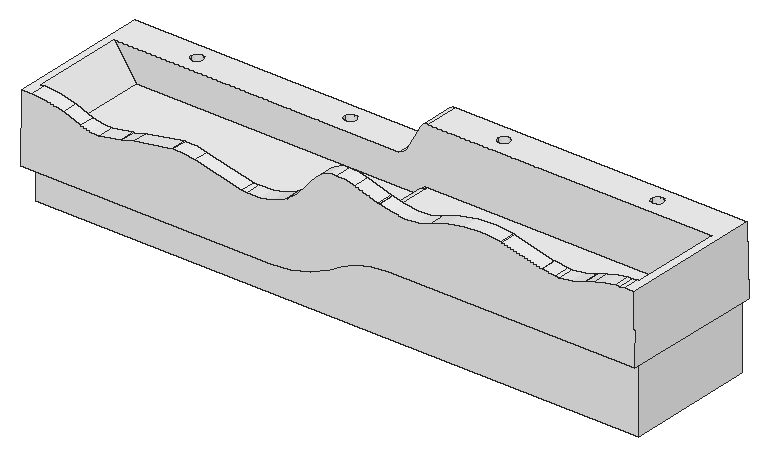
Revit family "NLRS_74_PF_UN_wastafel_S8VR1001000_SPHINX_BCB", category Plumbing Fixtures, Revit 2016
Family settings
  Part Type = Normal
  Round Connector Dimension = Use Radius
  OmniClass Number = 23.45.00.00
  OmniClass Title = Sanitary, Laundry, and Cleaning Equipment
  Work Plane-Based = No
  Always vertical = Yes
  Cut with Voids When Loaded = No
  Shared = No
  Room Calculation Point = No
Parameters (values of type "NLRS_74_PF_UN_wastafel_S8VR1001000_SPHINX_BCB")
  NLRS_C_type = "Kinderwastafel"
  NLRS_C_serie = "300 Kids"
  NLRS_C_revit_versie = "2016"
  NLRS_C_content_versie = "2.0"
  NLRS_C_content_provider = "BouwConnect"
  NLRS_C_content_datum_uitgifte = "APR-2018"
  NLRS_C_content_datum_gewijzigd = "APR-2018"
  NLRS_C_content_creator = "BouwConnect"
  NLRS_C_URL_product_data = "http://www.sphinx.nl/producten/wastafels-%7C-fonteinen/wastafels/sphinx-300-kids-%7C-kinderspeelwastafel-180-cm-versie-links/27988/"
  Waste Connection = yes
  WFU = 0
  URL = "http://www.sphinx.nl/"
  Type Comments = ""
  NLRS_S_gewicht = 22.00 kg
  NLRS_C_materiaal = none
  NLRS_C_lengte = 420 mm
  NLRS_C_hoogte = 300 mm
  NLRS_C_diameter_uit = 45 mm
  NLRS_C_diameter_in = 35 mm
  NLRS_C_breedte = 1800 mm
  Model = "300 kinderspeelwastafel versie links"  # constant formula
  Manufacturer = "Sphinx"  # constant formula
  Keynote = ""
  IfcTypeProduct = "IfcSanitaryTerminalType"
  IfcExportType = "SINK"
  IfcExportAs = "IfcSanitaryTerminalTypeEnum"
  IfcElement = "IfcFlowTerminal"
  NLRS_C_code_EAN = "8711754390751"
  Description = "wastafel"
  CWFU = 0
  NLRS_C_URL_BCB = "http://bcb-online.nl/?zoekterm=Sphinx+++%5bGeberit+B.V.%5d"
  Assembly Code = "47.11"
Reference planes
  plane 1 "Center (Front/Back)": y = 0
  plane 2: z = 0
  plane 3 "Center (Left/Right)": x = 0
Forms (mm)
  Extrusion 1, solid
    sketch origin (664.315, -854.836, 0) x (1, 0, 0) y (0, 1, 0)
      loop
        line (-1604.55, 854.836) -> (-1604.55, 474.836) -> (159.431, 474.836) -> (159.431, 854.836) -> (-1604.55, 854.836)
    from 0 to 208.952
  Extrusion 2, solid
    sketch origin (-75.254, 0, 0) x (1, 0, 0) y (0, 0, 1)
      loop
        arc (-182.988, 101) -> (-137.112, 102.315) -> (-91.441, 106.844) r 654.116
        arc (-91.441, 106.844) -> (-42.882, 117.24) -> (3.412, 135.21) r 311.921
        arc (3.412, 135.21) -> (21.756, 145.097) -> (39.826, 155.476) r 770.237
        arc (39.826, 155.476) -> (71.278, 171.981) -> (104.395, 184.819) r 313.324
        arc (104.395, 184.819) -> (160.023, 197.402) -> (216.942, 201) r 358.38
        line (216.942, 201) -> (917.002, 201) -> (913.512, 401.003) -> (59.673, 401.003)
        arc (59.673, 401.003) -> (47.031, 397.571) -> (37.86, 388.218) r 25
        line (37.86, 388.218) -> (-3.821, 313.786)
        arc (-3.821, 313.786) -> (-12.992, 304.432) -> (-25.634, 301) r 25
        line (-25.634, 301) -> (-879.489, 301) -> (-882.98, 101) -> (-182.988, 101)
    from 0 to 101
  Extrusion 3, solid
    sketch origin (-75.254, 0, 0) x (1, 0, 0) y (0, 0, 1)
      loop
        line (-882.98, 101) -> (-150.121, 101)
        arc (-150.121, 101) -> (-60.65, 112.46) -> (23.045, 146.099) r 355
        line (23.045, 146.099) -> (55.361, 164.157)
        arc (55.361, 164.157) -> (123.732, 191.637) -> (196.821, 200.999) r 290
        line (196.821, 200.999) -> (917.002, 200.999) -> (913.512, 401.003) -> (887.296, 401.003)
        arc (887.296, 401.003) -> (880.442, 400.896) -> (873.595, 400.576) r 220.251
        arc (873.595, 400.576) -> (867.102, 400.1) -> (860.621, 399.48) r 295.321
        arc (860.621, 399.48) -> (829.337, 394.403) -> (798.792, 385.95) r 290.628
        line (798.792, 385.95) -> (773.912, 377.579)
        arc (773.912, 377.579) -> (771.446, 376.729) -> (768.992, 375.845) r 181.742
        arc (768.992, 375.845) -> (732.186, 365.518) -> (694.208, 361.166) r 240.015
        arc (694.208, 361.166) -> (688.937, 361.144) -> (683.674, 361.439) r 87.512
        arc (683.674, 361.439) -> (664.145, 363.579) -> (644.736, 366.617) r 426.214
        arc (644.736, 366.617) -> (644.086, 366.743) -> (643.441, 366.886) r 24.546
        line (643.441, 366.886) -> (527.611, 394.275)
        arc (527.611, 394.275) -> (526.298, 394.572) -> (524.98, 394.843) r 68.388
        arc (524.98, 394.843) -> (419.943, 398.573) -> (318.908, 369.611) r 335.398
        arc (318.908, 369.611) -> (317.659, 369.077) -> (316.378, 368.627) r 20.638
        arc (316.378, 368.627) -> (243.413, 358.02) -> (170.828, 370.977) r 230.671
        arc (170.828, 370.977) -> (170.35, 371.132) -> (169.867, 371.266) r 11.005
        arc (169.867, 371.266) -> (167.671, 371.837) -> (165.485, 372.447) r 129.867
        line (165.485, 372.447) -> (96.714, 392.291)
        arc (96.714, 392.291) -> (71.314, 397.943) -> (45.41, 400.413) r 210.16
        arc (45.41, 400.413) -> (16.911, 395.886) -> (-7.857, 381.077) r 76.135
        line (-7.857, 381.077) -> (-14.659, 374.996)
        arc (-14.659, 374.996) -> (-28.654, 361.027) -> (-41.032, 345.606) r 180
        arc (-41.032, 345.606) -> (-69.328, 313.594) -> (-103.543, 288.005) r 208.986
        arc (-103.543, 288.005) -> (-104.727, 287.314) -> (-105.928, 286.652) r 57.711
        arc (-105.928, 286.652) -> (-161.568, 266.056) -> (-220.712, 261.367) r 216.107
        arc (-220.712, 261.367) -> (-228.272, 262.118) -> (-235.747, 263.475) r 94.167
        line (-235.747, 263.475) -> (-373.044, 294.177)
        arc (-373.044, 294.177) -> (-404.034, 299.316) -> (-435.404, 300.978) r 282.21
        arc (-435.404, 300.978) -> (-437.015, 300.945) -> (-438.624, 300.856) r 46.027
        arc (-438.624, 300.856) -> (-494.603, 294.026) -> (-549.652, 281.789) r 579.8
        line (-549.652, 281.789) -> (-587.277, 271.482)
        arc (-587.277, 271.482) -> (-588.291, 271.212) -> (-589.309, 270.955) r 77.687
        arc (-589.309, 270.955) -> (-620.275, 264.734) -> (-651.654, 261.14) r 375.19
        arc (-651.654, 261.14) -> (-679.877, 261.969) -> (-707.355, 268.46) r 139.608
        line (-707.355, 268.46) -> (-756.731, 285.551)
        arc (-756.731, 285.551) -> (-802.014, 297.111) -> (-848.588, 301) r 280.812
        line (-848.588, 301) -> (-879.489, 301) -> (-882.98, 101)
    from 111 to 415.999
  Extrusion 4, void
    sketch origin (-75.254, 0, 0) x (1, 0, 0) y (0, 0, 1)
      loop
        line (-989.706, 486) -> (-744.633, 136) -> (-25.632, 136)
        arc (-25.632, 136) -> (-12.99, 139.432) -> (-3.819, 148.785) r 25
        line (-3.819, 148.785) -> (37.86, 223.214)
        arc (37.86, 223.214) -> (47.031, 232.567) -> (59.673, 235.999) r 25
        line (59.673, 235.999) -> (844.912, 235.999) -> (890.637, 401) -> (890.637, 486) -> (-989.706, 486)
    from 101.148 to 369.344
  Extrusion 5, solid
    sketch origin (-75.254, 0, 0) x (1, 0, 0) y (0, 0, 1)
      loop
        line (913.512, 401.003) -> (890.637, 401.003) -> (842.044, 225.651) -> (842.044, 200.999) -> (917.002, 200.999) -> (913.512, 401.003)
    from 101 to 111
  Extrusion 6, solid
    sketch origin (-75.254, 0, 0) x (1, 0, 0) y (0, 0, 1)
      loop
        line (-860.168, 301) -> (-879.489, 301) -> (-882.98, 101) -> (-738.375, 101) -> (-738.375, 127.062) -> (-860.168, 301)
    from 101 to 111
  Extrusion 7, solid
    sketch origin (-75.254, 0, 0) x (1, 0, 0) y (0, 0, 1)
      loop
        line (842.044, 225.651) -> (82.044, 225.651) -> (50.639, 208.952) -> (842.044, 208.952) -> (842.044, 225.651)
    from 101 to 111
  Extrusion 8, solid
    sketch origin (-75.254, 0, 0) x (1, 0, 0) y (0, 0, 1)
      loop
        line (29.874, 208.952) -> (50.639, 208.952) -> (82.044, 225.651) -> (842.044, 225.651) -> (844.912, 235.999) -> (59.673, 235.999)
        arc (59.673, 235.999) -> (47.031, 232.567) -> (37.86, 223.214) r 25
        line (37.86, 223.214) -> (29.874, 208.952)
    from 111 to 101
  Extrusion 9, void
    sketch origin (-2075.254, 0, 0) x (1, 0, 0) y (0, 0, 1)
      loop
        line (2887.5, 208.952) -> (2046.52, 208.952) -> (2046.52, 93.952) -> (1146.52, 93.952) -> (1146.52, 0) -> (2887.5, 0) -> (2887.5, 208.952)
    from -34.608 to 368.5
  Extrusion 10, void, detail levels medium+fine
    sketch origin (34.38, -8.521, 0) x (1, 0, 0) y (0, 1, 0)
      loop
        circle (-542.614, -231.479) r 22.5
    from -235 to 500
  Extrusion 11, void, detail levels medium+fine
    sketch origin (934.38, -8.521, 0) x (1, 0, 0) y (0, 1, 0)
      loop
        circle (-542.614, -231.479) r 22.5
    from -235 to 500
  Extrusion 12, void
    sketch origin (27.468, -50, 0) x (1, 0, 0) y (0, 1, 0)
      loop
        circle (-760.702, 0) r 17.5
    from -235 to 500
  Extrusion 13, void
    sketch origin (477.468, -50, 0) x (1, 0, 0) y (0, 1, 0)
      loop
        circle (-760.702, 0) r 17.5
    from -235 to 500
  Extrusion 14, void
    sketch origin (927.468, -50, 0) x (1, 0, 0) y (0, 1, 0)
      loop
        circle (-760.702, 0) r 17.5
    from -235 to 500
  Extrusion 15, void
    sketch origin (1377.468, -50, 0) x (1, 0, 0) y (0, 1, 0)
      loop
        circle (-760.702, 0) r 17.5
    from -235 to 500
  Extrusion 16, solid, not visible
    sketch origin (0, 0, 101) x (1, 0, 0) y (0, 1, 0)
      loop
        circle (-508.234, -240) r 22.5
    from 0 to 5
  Extrusion 17, solid, not visible
    sketch origin (0, 0, 200.999) x (1, 0, 0) y (0, 1, 0)
      loop
        circle (391.766, -240) r 22.5
    from 0 to 5
Cuts and joins
  Extrusion 9 cuts Extrusion 7
  Extrusion 12, Extrusion 13, Extrusion 14, Extrusion 15 cuts Extrusion 2
  Extrusion 4, Extrusion 10, Extrusion 11 cuts Extrusion 3
  joined: Extrusion 2, Extrusion 3, Extrusion 5, Extrusion 6, Extrusion 8
  Extrusion 9 cuts Extrusion 1
Dimensions and locks
  aligned and locked: level to plane 2
Connectors
  piping at (391.766, -240, 200.999), diameter 50, driven by "WFU"
    settings: on Extrusion 17, index 1, connector inside diameter 50 mm, connector length 0 mm, flow factor 0, pipe flow 0.0 L/s, pressure drop 0.0 Pa, fitting loss kfactor 0, connector angle 0.00°, fixture units 0, engagement length 0 mm, angle of deflection 0.00°, flow configuration 3, flow direction 2, fitting loss method 0, system type 16, joint type 0, gender type 0, connector reference index -1, connector utility 0, adjustable connector no, is connector primary yes, connector description "out"
  piping at (-508.234, -240, 101), diameter 50, driven by "WFU"
    settings: on Extrusion 16, index 2, connector inside diameter 50 mm, connector length 0 mm, flow factor 0, pipe flow 0.0 L/s, pressure drop 0.0 Pa, fitting loss kfactor 0, connector angle 0.00°, fixture units 0, engagement length 0 mm, angle of deflection 0.00°, flow configuration 3, flow direction 2, fitting loss method 0, system type 16, joint type 0, gender type 0, connector reference index -1, connector utility 0, adjustable connector no, is connector primary no, connector description "out"
